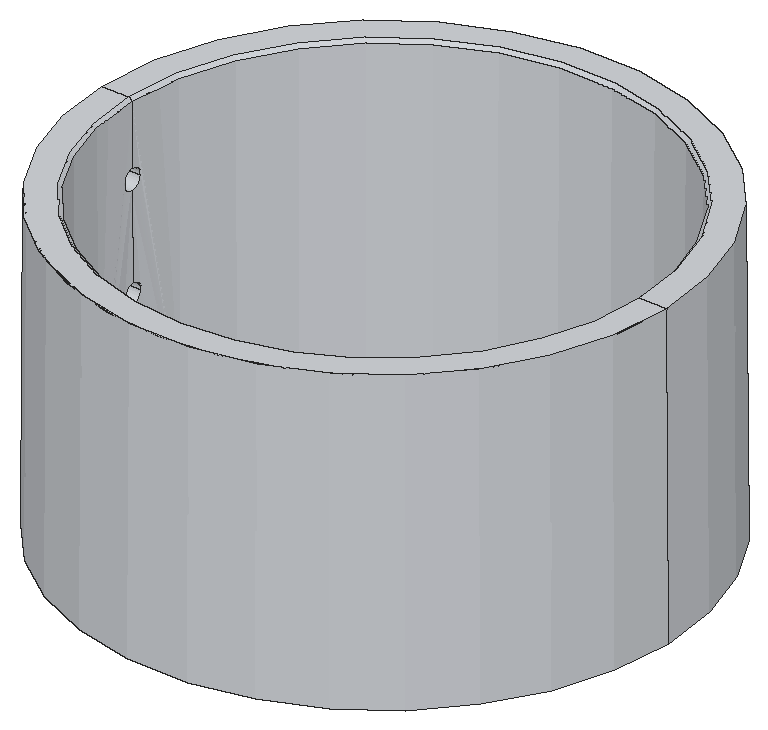
Revit family "Кольцо 1500х890 без замка КС 15.9", category Обобщенные модели, Revit 2023
Family settings
  Может служить основой для арматурных стержней = Нет
  Размер круглого соединителя = Использовать диаметр
  Тип детали = Нормальный
  На основе рабочей плоскости = Нет
  Всегда вертикально = Да
  При загрузке вырезать с полостями = Нет
  Сохранять ориентацию аннотаций = Нет
  Общий = Нет
  Точка принадлежности помещению = Нет
Parameters (values of type "Кольцо 1500х890 без замка КС 15.9")
  фаска = 10 mm
  толщ_на_h2_расч = (t1 - t2) / 2 * (h1 + h2) / ADSK_Размер_Высота + 10 mm  # 13.792 mm
  толщ_на_h1_расч = (t1 - t2) / 2 * h1 / ADSK_Размер_Высота + 10 mm  # 12.079 mm
  сужение_низ = 5 mm
  вырез2 = yes
  вырез1 = yes
  Отметка по умолчанию = 0 mm
  t2 = 90 mm
  t1 = 100 mm
  h2 = 305 mm
  h1 = 370 mm
  ADSK_Размер_Диаметр = 1500 mm
  ADSK_Размер_Высота = 890 mm
  ADSK_Масса = 1045
Reference planes
  plane 1 "По центру (Вперед/Назад)": y = 0
  plane 2: z = 0
  plane 3 "По центру (Влево/Вправо)": x = 0
  plane 4: x = 750
  plane 5: x = -750
  plane 6: y = 750
  plane 7: y = -750
  plane 8: z = 890
  plane 9: x = -845
  plane 10: x = 845
  plane 11: y = 845
  plane 12: y = -845
  plane 13: y = 840
  plane 14: y = -840
  plane 15: x = -840
  plane 16: x = 840
  plane 17: z = 370
  plane 18: z = 675
  plane 19: y = 745
  plane 20: y = -745
  plane 21: x = -745
  plane 22: x = 745
  plane 23: x = -831.208
  plane 24: x = -832.921
  plane 25: x = 831.208
  plane 26: x = 832.921
  plane 27: x = -760
  plane 28: z = 880
Forms (mm)
  Extrusion 1, void, detail levels medium+fine
    sketch origin (0, 0, 0) x (0, -1, 0) y (0, 0, 1)
      loop
        circle (0, 675) r 30
    from -831.208 to 831.208
  Extrusion 2, void, detail levels medium+fine
    sketch origin (0, 0, 0) x (0, -1, 0) y (0, 0, 1)
      loop
        circle (0, 370) r 30
    from -832.921 to 832.921
  Revolve 3, solid
    sketch origin (0, 0, 0) x (1, 0, 0) y (0, 0, 1)
      loop
        line (-845, 0) -> (-745, 0) -> (-750, 880) -> (-760, 890) -> (-840, 890) -> (-845, 0)
      axis (0, 890) -> (0, 0)
    angle from 0 to 360
Cuts and joins
  Extrusion 1, Extrusion 2 cuts Revolve 3
Dimensions and locks
  equal spacing: plane 5, plane 3 "По центру (Влево/Вправо)", plane 4
  equal spacing: plane 7, plane 1 "По центру (Вперед/Назад)", plane 6
  "ADSK_Размер_Диаметр": plane 5 to plane 4
  "ADSK_Размер_Диаметр": plane 7 to plane 6
  "t1": plane 9 to plane 21
  "t1": plane 22 to plane 10
  "t2": plane 6 to plane 13
  "t2": plane 14 to plane 7
  "t2": plane 15 to plane 5
  "t2": plane 4 to plane 16
  "h1": plane 17 to level
  "h2": plane 18 to plane 17
  "ADSK_Размер_Высота": plane 8 to level
  "сужение_низ": plane 5 to plane 21
  "сужение_низ": plane 22 to plane 4
  "сужение_низ": plane 19 to plane 6
  "сужение_низ": plane 7 to plane 20
  "t1": plane 12 to plane 20
  "t1": plane 19 to plane 11
  "толщ_на_h2_расч": plane 23 to plane 9
  "толщ_на_h1_расч": plane 24 to plane 9
  "толщ_на_h2_расч": plane 10 to plane 25
  "толщ_на_h1_расч": plane 10 to plane 26
  "фаска": plane 8 to plane 28
  "фаска": plane 5 to plane 27
  aligned and locked: level to plane 2
  aligned and locked: Extrusion 1 to plane 23
  aligned and locked: Extrusion 2 to plane 24
  aligned and locked: plane 25 to Extrusion 1
  aligned and locked: plane 26 to Extrusion 2
Automatic sketch dimensions
  Extrusion 1 sketch curve to plane 1 "По центру (Вперед/Назад)" = 0 mm
  Extrusion 1 sketch curve to plane 18 = 0 mm
  Extrusion 2 sketch curve to plane 1 "По центру (Вперед/Назад)" = 0 mm
  Extrusion 2 sketch curve to plane 17 = 0 mm
  Revolve 3 sketch curve to level = 0 mm
  Revolve 3 sketch curve to plane 9 = 0 mm
  Revolve 3 sketch curve to plane 8 = 0 mm
  Revolve 3 sketch curve to plane 15 = 0 mm
  Revolve 3 sketch curve to plane 27 = 0 mm
  Revolve 3 sketch curve to plane 5 = 0 mm
  Revolve 3 sketch curve to plane 21 = 0 mm
  Revolve 3 sketch curve to plane 28 = 0 mm
  radius of Extrusion 1 sketch curve = 30 mm
  radius of Extrusion 2 sketch curve = 30 mm
